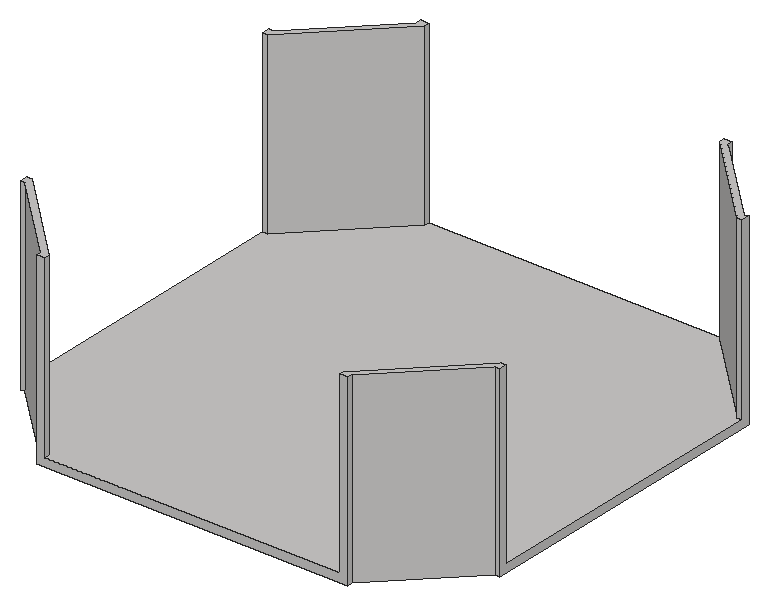
Revit family "Cable_Tray_Fitting-Modular_Channel_Tray-OBO_Bettermann-Channel_Horizontal_Cross_Over-AZ", category Cable Tray Fittings, Revit 2012
Parameters (values of type "Hot Dipped Galvanised")
  URL = "http://www.obo-bettermann.com/"
  Tray Width 3 [instance] = 100 mm
  Tray Width 1 [instance] = 100 mm
  Tray Length [instance] = 1.588 mm
  Tray Height [instance] = 60 mm
  Tray Connector 4 Location [instance] = if(Tray Width 3 > 399.9 mm, (Tray Width 3 / 2) + 255 mm, (Tray Width 3 / 2) + 27 mm)  # 77 mm
  Tray Connector 3 Location [instance] = if(Tray Width 3 > 399.9 mm, (Tray Width 3 / 2) + 255 mm, (Tray Width 3 / 2) + 27 mm)  # 77 mm
  Tray Connector 2 Location [instance] = if(Tray Width 1 > 399.9 mm, (Tray Width 1 / 2) + 255 mm, (Tray Width 1 / 2) + 27 mm)  # 77 mm
  Tray Connector 1 Location [instance] = if(Tray Width 1 > 399.9 mm, (Tray Width 1 / 2) + 255 mm, (Tray Width 1 / 2) + 27 mm)  # 77 mm
  built-in parameter 1140111 [instance] = 2.58 mm
  Small Tray Cross Over [instance] = not(Large Tray Cross Over)  # yes
  Radius = 25.4 mm
  Product Page URL = "http://catalog1.obo-bettermann.com/catalogue/catalogue.do?favOid=kts_433413&act=showIO&lang=de&action=start&catId=KTS&forward=showSolutionView"
  Product Documentation Link = ""
  Pre Galvanized = yes
  Model = "AZ"
  Manufacturer = "OBO Bettermann"
  Large Tray Cross Over [instance] = (Tray Width 1 > 399.9 mm)  # no
  Description = "Modular AZ Channel Tray"
  Connector Description 4 = "Connector for Cable Tray 4"  # constant formula
  Connector Description 3 = "Connector for Cable Tray 3"  # constant formula
  Connector Description 2 = "Connector for Cable Tray 2"  # constant formula
  Connector Description = "Connector for Cable Tray 1"  # constant formula
  Classification = "Refer to online Catalog for UL and cUL classifed sizes and wire sizes."
  Cable Tray Material = Metal - OBO Bettermann - Hot-Dipped-Galvanised
  Assembly Code = "D5030600"
Types (2, lengths in mm): name | Cable Tray Material
  Stripped Galvanised | Metal - OBO Bettermann - Strip-Galvanised
  Hot Dipped Galvanised | Metal - OBO Bettermann - Hot-Dipped-Galvanised
Reference planes
  plane 1 "Center (Front/Back)": y = 0
  plane 2: z = 0
  plane 3 "Center (Left/Right)": x = 0
  plane 4: y = 50
  plane 5: y = -50
  plane 6: z = 30
  plane 7: z = -30
  plane 8: y = -75.4
  plane 9: x = -50
  plane 10: x = 50
  plane 11: x = -75.4
  plane 12: x = 75.4
  plane 13: y = -47.42
  plane 14: y = 47.42
  plane 15: y = -76.988
  plane 16: x = -47.42
  plane 17: x = 47.42
  plane 18: x = -76.987
  plane 19: x = 76.988
  plane 20: z = -27.42
  plane 21: y = 75.4
  plane 22: y = 76.987
  plane 23 "Tray Connector Left": x = -77
  plane 24 "Tray Connector Right": x = 77
  plane 25 "Tray Connector Branch Lower": y = -77
  plane 26 "Tray Connector Branch Upper": y = 77
Lines and regions (mm)
  model lines, style "Coarse View", detail levels coarse
    curve 1: line (-76.987, 0, 0) -> (76.988, 0, 0)
    curve 2: line (0, 0, 0) -> (0, -76.988, 0)
    curve 3: line (0, 76.987, 0) -> (0, 0, 0)
  symbolic lines, detail levels fine
    curve 4: line (47.42, 76.987, 0) -> (47.42, 75.4, 0)
    curve 5: line (75.4, 47.42, 0) -> (76.988, 47.42, 0)
    curve 6: line (76.988, -47.42, 0) -> (75.4, -47.42, 0)
    curve 7: line (47.42, -75.4, 0) -> (47.42, -76.988, 0)
    curve 8: line (-47.42, -76.988, 0) -> (-47.42, -75.4, 0)
    curve 9: line (-75.4, -47.42, 0) -> (-76.987, -47.42, 0)
Dimensions and locks
  equal spacing: plane 4, plane 1 "Center (Front/Back)", plane 5
  "Tray Width 1": plane 4 to plane 5
  equal spacing: plane 6, plane 2, plane 7
  "Tray Height": plane 6 to plane 7
  plane 5 to plane 8 = 25.4 mm
  equal spacing: plane 9, plane 3 "Center (Left/Right)", plane 10
  "Tray Width 3": plane 9 to plane 10
  plane 11 to plane 9 = 25.4 mm
  plane 10 to plane 12 = 25.4 mm
  "built-in parameter 1140111": plane 13 to plane 5
  "built-in parameter 1140111": plane 4 to plane 14
  "Tray Length": plane 8 to plane 15
  "built-in parameter 1140111": plane 9 to plane 16
  "built-in parameter 1140111": plane 17 to plane 10
  "Tray Length": plane 18 to plane 11
  "Tray Length": plane 12 to plane 19
  "built-in parameter 1140111": plane 20 to plane 7
  "Tray Length": plane 21 to plane 22
  "Radius": plane 21 to plane 4
  "Tray Connector 1 Location": plane 23 "Tray Connector Left" to plane 3 "Center (Left/Right)"
  "Tray Connector 2 Location": plane 3 "Center (Left/Right)" to plane 24 "Tray Connector Right"
  "Tray Connector 4 Location": plane 26 "Tray Connector Branch Upper" to plane 1 "Center (Front/Back)"
  "Tray Connector 3 Location": plane 25 "Tray Connector Branch Lower" to plane 1 "Center (Front/Back)"
  plane 26 "Tray Connector Branch Upper" to plane 22 = 0.013 mm
  aligned and locked: plane 19 to curve 1
  aligned and locked: plane 18 to curve 1
  aligned and locked: plane 15 to curve 2
  aligned and locked: plane 1 "Center (Front/Back)" to curve 2
  aligned and locked: curve 2 to plane 3 "Center (Left/Right)"
  aligned and locked: plane 22 to curve 3
  aligned and locked: curve 3 to plane 3 "Center (Left/Right)"
  aligned and locked: plane 18 to curve 9
  aligned and locked: plane 15 to curve 8
  aligned and locked: plane 15 to curve 7
  aligned and locked: plane 19 to curve 6
  aligned and locked: plane 19 to curve 5
  aligned and locked: plane 22 to curve 4
  aligned and locked: nested 1 to plane 9
  aligned and locked: plane 10 to nested 1
  aligned and locked: nested 1 to plane 5
  aligned and locked: plane 4 to nested 1
  aligned and locked: nested 2 to plane 22
  aligned and locked: nested 2 to plane 18
  aligned and locked: nested 2 to plane 15
  aligned and locked: plane 19 to nested 2
Automatic sketch dimensions
  curve 4 to plane 17 = 0 mm
  plane 21 to curve 4 = 0 mm
  curve 6 to plane 13 = 0 mm
  curve 8 to plane 16 = 0 mm
  curve 8 to plane 8 = 0 mm
  curve 9 to plane 11 = 0 mm
  curve 9 to plane 13 = 0 mm
  curve 5 to plane 12 = 0 mm
  curve 5 to plane 14 = 0 mm
  curve 7 to plane 17 = 0 mm
  curve 6 to plane 12 = 0 mm
  curve 7 to plane 8 = 0 mm
Nested families
  nested 1: "Cable_Tray_Fitting-Channel_Tray-OBO_Bettermann-Channel_Horizontal_Cross_Over_400-600-MKS" at (0, 0, 0), Tray Width 3 <- "Tray Width 3", Tray Width 1 <- "Tray Width 1", Tray Height <- "Tray Height", built-in parameter 1140111 <- "built-in parameter 1140111", visible <- "Large Tray Cross Over", type "Stripped Galvanised"
    with Tray Width 3 100 mm, Tray Width 1 100 mm, Tray Length 1.588 mm, Tray Height 60 mm, built-in parameter 1140111 2.58 mm, Radius Label 150 mm
  nested 2: "Cable_Tray_Fitting-Channel_Tray-OBO_Bettermann-Channel_Horizontal_Cross_Over_100-300-MKS" at (0, 0, 0), Tray Width 3 <- "Tray Width 3", Tray Width 1 <- "Tray Width 1", Tray Height <- "Tray Height", built-in parameter 1140111 <- "built-in parameter 1140111", visible <- "Small Tray Cross Over", type "Stripped Galvanised"
    with Tray Width 3 100 mm, Tray Width 1 100 mm, Tray Length 1.588 mm, Tray Height 60 mm, built-in parameter 1140111 2.58 mm, Radius Label 1 27.98 mm, Radius Label 25.4 mm
Connectors
  cabletrayconduit at (-77, 0, 0), driven by "Tray Height", driven by "Tray Width 1", driven by "Connector Description"
    settings: index 1, connector width 100 mm, connector height 60 mm, connector radius 300 mm, connector angle 0.00°, system type 32, placement type 0, profile type 1, connector reference index -1, is primary connector yes, connector utility param no, connector description "Connector for Cable Tray 1"
  cabletrayconduit at (77, 0, 0), driven by "Tray Height", driven by "Tray Width 1", driven by "Connector Description 2"
    settings: index 2, connector width 100 mm, connector height 60 mm, connector radius 300 mm, connector angle 0.00°, system type 32, placement type 0, profile type 1, connector reference index -1, is primary connector no, connector utility param no, connector description "Connector for Cable Tray 2"
  cabletrayconduit at (0, 77, 0), driven by "Tray Width 3", driven by "Tray Height", driven by "Connector Description 4"
    settings: index 3, connector width 100 mm, connector height 60 mm, connector radius 300 mm, connector angle 0.00°, system type 32, placement type 0, profile type 1, connector reference index -1, is primary connector no, connector utility param no, connector description "Connector for Cable Tray 4"
  cabletrayconduit at (0, -77, 0), driven by "Tray Height", driven by "Tray Width 3", driven by "Connector Description 3"
    settings: index 4, connector width 100 mm, connector height 60 mm, connector radius 300 mm, connector angle 0.00°, system type 32, placement type 0, profile type 1, connector reference index -1, is primary connector no, connector utility param no, connector description "Connector for Cable Tray 3"
Definition of nested family "Cable_Tray_Fitting-Channel_Tray-OBO_Bettermann-Channel_Horizontal_Cross_Over_400-600-MKS"
  Parameters (values of type "Stripped Galvanised")
    URL = "http://www.obo-bettermann.com/"
    Tray Width 3 [instance] = 400 mm
    Tray Width 1 [instance] = 400 mm
    Tray Length [instance] = 1.588 mm
    Tray Height [instance] = 60 mm
    built-in parameter 1140111 [instance] = 2.58 mm
    Radius Label 1 = Radius + 2.6 mm  # 152.6 mm
    Radius Label [instance] = Radius  # 150 mm
    Radius = 150 mm
    Product Page URL = "http://catalog2.obo-bettermann.com/catalogue/catalogue.do?favOid=kts_315277&act=showIO&lang=en&action=start&catId=KTS&forward=showSolutionView"
    Product Documentation Link = ""
    Pre Galvanized = yes
    Model = "MKS"
    Manufacturer = "OBO Bettermann"
    Description = "Cable tray"
    Connector Description 4 = "Connector for Cable Tray 4"  # constant formula
    Connector Description 3 = "Connector for Cable Tray 3"  # constant formula
    Connector Description 2 = "Connector for Cable Tray 2"  # constant formula
    Connector Description = "Connector for Cable Tray 1"  # constant formula
    Classification = "Refer to online Catalog for UL and cUL classifed sizes and wire sizes."
    Cable Tray Material = Metal - OBO Bettermann - Strip-Galvanised
    Assembly Code = "D5030600"
  Types (2, lengths in mm): name | Cable Tray Material
    Stripped Galvanised | Metal - OBO Bettermann - Strip-Galvanised
    Steel | none
  Reference planes
    plane 1 "Center (Front/Back)": y = 0
    plane 2: z = 0
    plane 3 "Center (Left/Right)": x = 0
    plane 4: y = 200
    plane 5: y = -200
    plane 6: z = 30
    plane 7: z = -30
    plane 8: y = -453.413
    plane 9: x = -200
    plane 10: x = 200
    plane 11: x = -453.412
    plane 12: x = 453.413
    plane 13: y = -197.42
    plane 14: y = 197.42
    plane 15: y = -455
    plane 16: x = -197.42
    plane 17: x = 197.42
    plane 18: x = -455
    plane 19: x = 455
    plane 20: z = -27.42
    plane 21: y = 453.412
    plane 22: y = 455
  Forms (mm)
    Extrusion 1, solid, material "Metal - OBO Bettermann - Strip-Galvanised" <- "Cable Tray Material", detail levels medium+fine
      sketch origin (377.212, 0, 0) x (1, 0, 0) y (0, 1, 0)
        loop
          line (-832.212, -197.42) -> (-832.212, -200) -> (-727.212, -200)
          arc (-727.212, -200) -> (-621.146, -243.934) -> (-577.212, -350) r 150
          line (-577.212, -350) -> (-577.212, -455) -> (-574.633, -455) -> (-574.633, -347.51)
          arc (-574.633, -347.51) -> (-619.308, -242.096) -> (-724.723, -197.42) r 152.6
          line (-724.723, -197.42) -> (-832.212, -197.42)
        loop
          line (-27.212, -200) -> (77.788, -200) -> (77.788, -197.42) -> (-29.702, -197.42)
          arc (-29.702, -197.42) -> (-135.117, -242.096) -> (-179.792, -347.51) r 152.6
          line (-179.792, -347.51) -> (-179.792, -455) -> (-177.212, -455) -> (-177.212, -350)
          arc (-177.212, -350) -> (-133.279, -243.934) -> (-27.212, -200) r 150
        loop
          line (-832.212, 197.42) -> (-724.723, 197.42)
          arc (-724.723, 197.42) -> (-619.308, 242.096) -> (-574.633, 347.51) r 152.6
          line (-574.633, 347.51) -> (-574.633, 455) -> (-577.212, 455) -> (-577.212, 350)
          arc (-577.212, 350) -> (-621.146, 243.934) -> (-727.212, 200) r 150
          line (-727.212, 200) -> (-832.212, 200) -> (-832.212, 197.42)
        loop
          arc (-27.212, 200) -> (-133.279, 243.934) -> (-177.212, 350) r 150
          line (-177.212, 350) -> (-177.212, 455) -> (-179.792, 455) -> (-179.792, 347.51)
          arc (-179.792, 347.51) -> (-135.117, 242.096) -> (-29.702, 197.42) r 152.6
          line (-29.702, 197.42) -> (77.788, 197.42) -> (77.788, 200) -> (-27.212, 200)
      from -30 to 30
    Extrusion 2, solid, material "Metal - OBO Bettermann - Strip-Galvanised" <- "Cable Tray Material", detail levels medium+fine
      sketch origin (0, 0, 0) x (1, 0, 0) y (0, 1, 0)
        loop
          line (-455, 200) -> (-455, -200) -> (-350, -200)
          arc (-350, -200) -> (-243.934, -243.934) -> (-200, -350) r 150
          line (-200, -350) -> (-200, -455) -> (200, -455) -> (200, -350)
          arc (200, -350) -> (243.934, -243.934) -> (350, -200) r 150
          line (350, -200) -> (455, -200) -> (455, 200) -> (350, 200)
          arc (350, 200) -> (243.934, 243.934) -> (200, 350) r 150
          line (200, 350) -> (200, 455) -> (-200, 455) -> (-200, 350)
          arc (-200, 350) -> (-243.934, 243.934) -> (-350, 200) r 150
          line (-350, 200) -> (-455, 200)
      from -30 to -27.42
    Extrusion 3, solid, material "Metal - OBO Bettermann - Strip-Galvanised" <- "Cable Tray Material", detail levels medium
      sketch origin (0, 0, 0) x (1, 0, 0) y (0, 1, 0)
        loop
          line (-455, 200) -> (-455, -200) -> (-350, -200)
          arc (-350, -200) -> (-243.934, -243.934) -> (-200, -350) r 150
          line (-200, -350) -> (-200, -455) -> (200, -455) -> (200, -350)
          arc (200, -350) -> (243.934, -243.934) -> (350, -200) r 150
          line (350, -200) -> (455, -200) -> (455, 200) -> (350, 200)
          arc (350, 200) -> (243.934, 243.934) -> (200, 350) r 150
          line (200, 350) -> (200, 455) -> (-200, 455) -> (-200, 350)
          arc (-200, 350) -> (-243.934, 243.934) -> (-350, 200) r 150
          line (-350, 200) -> (-455, 200)
      from -30 to 30
  Cuts and joins
    joined: Extrusion 1, Extrusion 2
  Lines and regions (mm)
    model lines, style "Coarse View", detail levels coarse
      curve 1: line (-455, 0, 0) -> (455, 0, 0)
      curve 2: line (0, 0, 0) -> (0, -455, 0)
      curve 3: line (0, 455, 0) -> (0, 0, 0)
    symbolic lines, detail levels fine
      curve 4: line (197.42, 455, 0) -> (197.42, 453.412, 0)
      curve 5: line (453.413, 197.42, 0) -> (455, 197.42, 0)
      curve 6: line (455, -197.42, 0) -> (453.413, -197.42, 0)
      curve 7: line (197.42, -453.413, 0) -> (197.42, -455, 0)
      curve 8: line (-197.42, -455, 0) -> (-197.42, -453.413, 0)
      curve 9: line (-453.412, -197.42, 0) -> (-455, -197.42, 0)
      curve 10: line (-200, -350, 0) -> (-200, -455, 0)
      curve 11: arc (-350, -200, 0) -> (-243.934, -243.934, 0) -> (-200, -350, 0) r 150
      curve 12: line (-455, -200, 0) -> (-350, -200, 0)
      curve 13: line (350, -200, 0) -> (455, -200, 0)
      curve 14: arc (200, -350, 0) -> (243.934, -243.934, 0) -> (350, -200, 0) r 150
      curve 15: line (200, -455, 0) -> (200, -350, 0)
      curve 16: line (200, 350, 0) -> (200, 455, 0)
      curve 17: arc (350, 200, 0) -> (243.934, 243.934, 0) -> (200, 350, 0) r 150
      curve 18: line (455, 200, 0) -> (350, 200, 0)
      curve 19: line (-350, 200, 0) -> (-455, 200, 0)
      curve 20: arc (-200, 350, 0) -> (-243.934, 243.934, 0) -> (-350, 200, 0) r 150
      curve 21: line (-200, 455, 0) -> (-200, 350, 0)
  Dimensions and locks
    equal spacing: plane 4, plane 1 "Center (Front/Back)", plane 5
    "Tray Width 1": plane 4 to plane 5
    equal spacing: plane 6, plane 2, plane 7
    "Tray Height": plane 6 to plane 7
    equal spacing: plane 9, plane 3 "Center (Left/Right)", plane 10
    "Tray Width 3": plane 9 to plane 10
    "built-in parameter 1140111": plane 13 to plane 5
    "built-in parameter 1140111": plane 4 to plane 14
    "Tray Length": plane 8 to plane 15
    "built-in parameter 1140111": plane 9 to plane 16
    "built-in parameter 1140111": plane 17 to plane 10
    "Tray Length": plane 18 to plane 11
    "Tray Length": plane 12 to plane 19
    "built-in parameter 1140111": plane 20 to plane 7
    "Tray Length": plane 21 to plane 22
    locked: plane 18 to plane 9 at 255
    locked: plane 10 to plane 19 at 255
    equal spacing: plane 18, plane 3 "Center (Left/Right)", plane 19
    locked: plane 4 to plane 22 at 255
    locked: plane 5 to plane 15 at 255
    equal spacing: plane 15, plane 1 "Center (Front/Back)", plane 22
    "Radius Label": radius of Extrusion 3 sketch curve  (x4)
    "Radius Label": radius of Extrusion 1 sketch curve  (x4)
    "Radius Label 1": radius of Extrusion 1 sketch curve  (x4)
    aligned and locked: Extrusion 1 to plane 7
    aligned and locked: plane 6 to Extrusion 1
    aligned and locked: plane 5 to Extrusion 2 sketch curve
    aligned and locked: plane 19 to Extrusion 2 sketch curve
    aligned and locked: plane 9 to Extrusion 2 sketch curve
    aligned and locked: Extrusion 2 sketch curve to plane 15
    aligned and locked: Extrusion 2 to plane 7
    aligned and locked: plane 20 to Extrusion 2
    aligned and locked: plane 18 to Extrusion 3 sketch curve
    aligned and locked: Extrusion 3 sketch curve to plane 5
    aligned and locked: plane 4 to Extrusion 3 sketch curve  (x2)
    aligned and locked: plane 5 to Extrusion 3 sketch curve
    aligned and locked: plane 10 to Extrusion 3 sketch curve
    aligned and locked: plane 9 to Extrusion 3 sketch curve
    aligned and locked: Extrusion 3 sketch curve to plane 15
    aligned and locked: Extrusion 3 to plane 7
    aligned and locked: plane 6 to Extrusion 3
    aligned and locked: plane 19 to curve 1
    aligned and locked: plane 18 to curve 1
    aligned and locked: plane 15 to curve 2
    aligned and locked: plane 1 "Center (Front/Back)" to curve 2
    aligned and locked: curve 2 to plane 3 "Center (Left/Right)"
    aligned and locked: plane 22 to curve 3
    aligned and locked: curve 3 to plane 3 "Center (Left/Right)"
    aligned and locked: plane 18 to curve 9
    aligned and locked: plane 15 to curve 8
    aligned and locked: plane 15 to curve 7
    aligned and locked: plane 19 to curve 6
    aligned and locked: plane 19 to curve 5
    aligned and locked: plane 22 to curve 4
    aligned and locked: Extrusion 2 sketch curve to cut or joined group of Extrusion 1, Extrusion 2  (x8)
    aligned and locked: curve 11 to cut or joined group of Extrusion 1, Extrusion 2
    aligned and locked: curve 12 to cut or joined group of Extrusion 1, Extrusion 2
    aligned and locked: curve 14 to cut or joined group of Extrusion 1, Extrusion 2
    aligned and locked: curve 17 to cut or joined group of Extrusion 1, Extrusion 2
    aligned and locked: curve 18 to cut or joined group of Extrusion 1, Extrusion 2
    aligned and locked: curve 20 to cut or joined group of Extrusion 1, Extrusion 2
    aligned and locked: curve 21 to cut or joined group of Extrusion 1, Extrusion 2
  Automatic sketch dimensions
    curve 9 to plane 11 = 0 mm
    curve 7 to plane 8 = 0 mm
    curve 7 to plane 17 = 0 mm
    curve 4 to plane 17 = 0 mm
    curve 6 to plane 13 = 0 mm
    curve 9 to plane 13 = 0 mm
    Extrusion 3 sketch curve to plane 9 = 0 mm
    Extrusion 3 sketch curve to plane 10 = 0 mm
    Extrusion 3 sketch curve to plane 19 = 0 mm
    plane 22 to Extrusion 3 sketch curve = 0 mm
    Extrusion 1 sketch curve to Extrusion 1 sketch curve = 0 mm  (x8)
    Extrusion 1 sketch curve to plane 13 = 0 mm  (x2)
    Extrusion 1 sketch curve to plane 18 = 0 mm  (x2)
    Extrusion 1 sketch curve to plane 4 = 0 mm  (x2)
    Extrusion 1 sketch curve to plane 5 = 0 mm  (x2)
    Extrusion 1 sketch curve to plane 14 = 0 mm  (x2)
    Extrusion 1 sketch curve to plane 9 = 0 mm  (x2)
    Extrusion 1 sketch curve to plane 16 = 0 mm  (x2)
    Extrusion 1 sketch curve to plane 17 = 0 mm  (x2)
    Extrusion 1 sketch curve to plane 10 = 0 mm  (x2)
    Extrusion 1 sketch curve to plane 19 = 0 mm  (x2)
    Extrusion 1 sketch curve to plane 15 = 0 mm  (x2)
    plane 22 to Extrusion 1 sketch curve = 0 mm  (x2)
    Extrusion 2 sketch curve to plane 18 = 0 mm
    plane 22 to Extrusion 2 sketch curve = 0 mm
    curve 10 to plane 15 = 0 mm
    curve 12 to plane 18 = 0 mm
    curve 8 to plane 8 = 0 mm
    curve 8 to plane 16 = 0 mm
    curve 6 to plane 12 = 0 mm
    curve 13 to plane 19 = 0 mm
    curve 15 to plane 15 = 0 mm
    plane 22 to curve 16 = 0 mm
    curve 18 to plane 19 = 0 mm
    curve 5 to plane 12 = 0 mm
    curve 5 to plane 14 = 0 mm
    plane 21 to curve 4 = 0 mm
    curve 19 to plane 18 = 0 mm
    plane 22 to curve 21 = 0 mm
  Connectors
    cabletrayconduit at (-455, 0, 0), driven by "Tray Height", driven by "Tray Width 1", driven by "Connector Description"
      settings: on Extrusion 3, index 1, connector width 400 mm, connector height 60 mm, connector radius 304.8 mm, connector angle 0.00°, system type 32, placement type 0, profile type 1, connector reference index 2, is primary connector yes, connector utility param no, connector description "Connector for Cable Tray 1"
    cabletrayconduit at (455, 0, 0), driven by "Tray Height", driven by "Tray Width 1", driven by "Connector Description 2"
      settings: on Extrusion 3, index 2, connector width 400 mm, connector height 60 mm, connector radius 304.8 mm, connector angle 0.00°, system type 32, placement type 0, profile type 1, connector reference index 1, is primary connector no, connector utility param no, connector description "Connector for Cable Tray 2"
    cabletrayconduit at (0, -455, 0), driven by "Tray Height", driven by "Tray Width 3", driven by "Connector Description 3"
      settings: on Extrusion 3, index 3, connector width 400 mm, connector height 60 mm, connector radius 304.8 mm, connector angle 0.00°, system type 32, placement type 0, profile type 1, connector reference index 4, is primary connector no, connector utility param no, connector description "Connector for Cable Tray 3"
    cabletrayconduit at (0, 455, 0), driven by "Tray Height", driven by "Tray Width 3", driven by "Connector Description 4"
      settings: on Extrusion 3, index 4, connector width 400 mm, connector height 60 mm, connector radius 304.8 mm, connector angle 0.00°, system type 32, placement type 0, profile type 1, connector reference index 3, is primary connector no, connector utility param no, connector description "Connector for Cable Tray 4"
Definition of nested family "Cable_Tray_Fitting-Channel_Tray-OBO_Bettermann-Channel_Horizontal_Cross_Over_100-300-MKS"
  Parameters (values of type "Steel")
    URL = "http://www.obo-bettermann.com/"
    Tray Width 3 [instance] = 100 mm
    Tray Width 1 [instance] = 100 mm
    Tray Length [instance] = 1.588 mm
    Tray Height [instance] = 60 mm
    built-in parameter 1140111 [instance] = 2.58 mm
    Radius Label 1 [instance] = Radius Label + [built-in parameter 1140111]  # 27.98 mm
    Radius Label [instance] = Radius  # 25.4 mm
    Radius = 25.4 mm
    Product Page URL = "http://catalog2.obo-bettermann.com/catalogue/catalogue.do?favOid=kts_315277&act=showIO&lang=en&action=start&catId=KTS&forward=showSolutionView"
    Product Documentation Link = ""
    Pre Galvanized = yes
    Model = "MKS"
    Manufacturer = "OBO Bettermann"
    Description = "Cable tray"
    Connector Description 4 = "Connector for Cable Tray 4"  # constant formula
    Connector Description 3 = "Connector for Cable Tray 3"  # constant formula
    Connector Description 2 = "Connector for Cable Tray 2"  # constant formula
    Connector Description = "Connector for Cable Tray 1"  # constant formula
    Classification = "Refer to online Catalog for UL and cUL classifed sizes and wire sizes."
    Cable Tray Material = none
    Assembly Code = "D5030600"
  Types (2, lengths in mm): name | Cable Tray Material
    Stripped Galvanised | Metal - OBO Bettermann - Strip-Galvanised
    Steel | none
  Reference planes
    plane 1 "Center (Front/Back)": y = 0
    plane 2: z = 0
    plane 3 "Center (Left/Right)": x = 0
    plane 4: y = 50
    plane 5: y = -50
    plane 6: z = 30
    plane 7: z = -30
    plane 8: y = -75.4
    plane 9: x = -50
    plane 10: x = 50
    plane 11: x = -75.4
    plane 12: x = 75.4
    plane 13: y = -47.42
    plane 14: y = 47.42
    plane 15: y = -76.988
    plane 16: x = -47.42
    plane 17: x = 47.42
    plane 18: x = -76.987
    plane 19: x = 76.988
    plane 20: z = -27.42
    plane 21: y = 75.4
    plane 22: y = 76.987
  Forms (mm)
    Extrusion 1, solid, material <- "Cable Tray Material", detail levels medium+fine
      sketch origin (-0.8, 0, 0) x (1, 0, 0) y (0, 1, 0)
        loop
          line (-76.187, -47.42) -> (-76.187, -50) -> (-74.6, -50) -> (-49.2, -75.4) -> (-49.2, -76.988) -> (-46.62, -76.988) -> (-46.62, -75.4) -> (-74.6, -47.42) -> (-76.187, -47.42)
        loop
          line (76.2, -50) -> (77.788, -50) -> (77.788, -47.42) -> (76.2, -47.42) -> (48.22, -75.4) -> (48.22, -76.988) -> (50.8, -76.988) -> (50.8, -75.4) -> (76.2, -50)
        loop
          line (-76.187, 50) -> (-76.187, 47.42) -> (-74.6, 47.42) -> (-46.62, 75.4) -> (-46.62, 76.987) -> (-49.2, 76.987) -> (-49.2, 75.4) -> (-74.6, 50) -> (-76.187, 50)
        loop
          line (48.22, 76.987) -> (48.22, 75.4) -> (76.2, 47.42) -> (77.788, 47.42) -> (77.788, 50) -> (76.2, 50) -> (50.8, 75.4) -> (50.8, 76.987) -> (48.22, 76.987)
      from -30 to 30
    Extrusion 2, solid, material <- "Cable Tray Material", detail levels medium+fine
      sketch origin (0, 0, 0) x (1, 0, 0) y (0, 1, 0)
        loop
          line (-76.987, -50) -> (-75.4, -50) -> (-50, -75.4) -> (-50, -76.988) -> (50, -76.988) -> (50, -75.4) -> (75.4, -50) -> (76.988, -50) -> (76.988, 50) -> (75.4, 50) -> (50, 75.4) -> (50, 76.987) -> (-50, 76.987) -> (-50, 75.4) -> (-75.4, 50) -> (-76.987, 50) -> (-76.987, -50)
      from -30 to -27.42
    Extrusion 3, solid, material <- "Cable Tray Material", detail levels medium
      sketch origin (0, 0, 0) x (1, 0, 0) y (0, 1, 0)
        loop
          line (-76.987, 50) -> (-76.987, -50) -> (-75.4, -50) -> (-50, -75.4) -> (-50, -76.988) -> (50, -76.988) -> (50, -75.4) -> (75.4, -50) -> (76.988, -50) -> (76.988, 50) -> (75.4, 50) -> (50, 75.4) -> (50, 76.987) -> (-50, 76.987) -> (-50, 75.4) -> (-75.4, 50) -> (-76.987, 50)
      from -30 to 30
  Cuts and joins
    joined: Extrusion 1, Extrusion 2
  Lines and regions (mm)
    model lines, style "Coarse View", detail levels coarse
      curve 1: line (-76.987, 0, 0) -> (76.988, 0, 0)
      curve 2: line (0, 0, 0) -> (0, -76.988, 0)
      curve 3: line (0, 76.987, 0) -> (0, 0, 0)
    symbolic lines, detail levels fine
      curve 4: line (47.42, 76.987, 0) -> (47.42, 75.4, 0)
      curve 5: line (47.42, 75.4, 0) -> (75.4, 47.42, 0)
      curve 6: line (75.4, 47.42, 0) -> (76.988, 47.42, 0)
      curve 7: line (76.988, -47.42, 0) -> (75.4, -47.42, 0)
      curve 8: line (75.4, -47.42, 0) -> (47.42, -75.4, 0)
      curve 9: line (47.42, -75.4, 0) -> (47.42, -76.988, 0)
      curve 10: line (-47.42, -76.988, 0) -> (-47.42, -75.4, 0)
      curve 11: line (-47.42, -75.4, 0) -> (-75.4, -47.42, 0)
      curve 12: line (-75.4, -47.42, 0) -> (-76.987, -47.42, 0)
  Dimensions and locks
    equal spacing: plane 4, plane 1 "Center (Front/Back)", plane 5
    "Tray Width 1": plane 4 to plane 5
    equal spacing: plane 6, plane 2, plane 7
    "Tray Height": plane 6 to plane 7
    "Radius Label": plane 5 to plane 8
    equal spacing: plane 9, plane 3 "Center (Left/Right)", plane 10
    "Tray Width 3": plane 9 to plane 10
    "Radius Label": plane 11 to plane 9
    "Radius Label": plane 10 to plane 12
    "built-in parameter 1140111": plane 13 to plane 5
    "built-in parameter 1140111": plane 4 to plane 14
    "Tray Length": plane 8 to plane 15
    "built-in parameter 1140111": plane 9 to plane 16
    "built-in parameter 1140111": plane 17 to plane 10
    "Tray Length": plane 18 to plane 11
    "Tray Length": plane 12 to plane 19
    "built-in parameter 1140111": plane 20 to plane 7
    "Tray Length": plane 21 to plane 22
    "Radius": plane 21 to plane 4
    aligned and locked: plane 11 to Extrusion 1 sketch curve  (x4)
    aligned and locked: Extrusion 1 sketch curve to plane 13
    aligned and locked: plane 18 to Extrusion 1 sketch curve  (x2)
    aligned and locked: Extrusion 1 sketch curve to plane 5
    aligned and locked: plane 8 to Extrusion 1 sketch curve  (x4)
    aligned and locked: plane 15 to Extrusion 1 sketch curve  (x2)
    aligned and locked: plane 16 to Extrusion 1 sketch curve  (x3)
    aligned and locked: plane 9 to Extrusion 1 sketch curve  (x3)
    aligned and locked: Extrusion 1 sketch curve to plane 15  (x2)
    aligned and locked: Extrusion 1 sketch curve to plane 18  (x2)
    aligned and locked: Extrusion 1 to plane 7
    aligned and locked: plane 6 to Extrusion 1
    aligned and locked: plane 19 to Extrusion 1 sketch curve  (x3)
    aligned and locked: plane 5 to Extrusion 1 sketch curve  (x3)
    aligned and locked: plane 13 to Extrusion 1 sketch curve  (x3)
    aligned and locked: Extrusion 1 sketch curve to plane 19
    aligned and locked: Extrusion 1 sketch curve to plane 17
    aligned and locked: Extrusion 1 sketch curve to plane 10  (x2)
    aligned and locked: plane 10 to Extrusion 1 sketch curve  (x2)
    aligned and locked: plane 17 to Extrusion 1 sketch curve  (x3)
    aligned and locked: plane 18 to Extrusion 2 sketch curve  (x2)
    aligned and locked: plane 11 to Extrusion 2 sketch curve  (x2)
    aligned and locked: Extrusion 2 sketch curve to plane 5
    aligned and locked: plane 4 to Extrusion 2 sketch curve
    aligned and locked: plane 5 to Extrusion 2 sketch curve
    aligned and locked: plane 19 to Extrusion 2 sketch curve  (x2)
    aligned and locked: plane 12 to Extrusion 2 sketch curve  (x2)
    aligned and locked: plane 8 to Extrusion 2 sketch curve  (x2)
    aligned and locked: plane 15 to Extrusion 2 sketch curve
    aligned and locked: plane 10 to Extrusion 2 sketch curve
    aligned and locked: plane 9 to Extrusion 2 sketch curve
    aligned and locked: Extrusion 2 sketch curve to plane 15
    aligned and locked: Extrusion 2 to plane 7
    aligned and locked: plane 20 to Extrusion 2
    aligned and locked: plane 18 to Extrusion 3 sketch curve  (x2)
    aligned and locked: plane 11 to Extrusion 3 sketch curve  (x2)
    aligned and locked: Extrusion 3 sketch curve to plane 5  (x2)
    aligned and locked: plane 4 to Extrusion 3 sketch curve  (x2)
    aligned and locked: plane 5 to Extrusion 3 sketch curve
    aligned and locked: plane 12 to Extrusion 3 sketch curve  (x2)
    aligned and locked: plane 19 to Extrusion 3 sketch curve  (x2)
    aligned and locked: plane 15 to Extrusion 3 sketch curve
    aligned and locked: Extrusion 3 sketch curve to plane 10  (x2)
    aligned and locked: plane 8 to Extrusion 3 sketch curve
    aligned and locked: plane 10 to Extrusion 3 sketch curve
    aligned and locked: plane 9 to Extrusion 3 sketch curve
    aligned and locked: Extrusion 3 sketch curve to plane 15
    aligned and locked: Extrusion 3 to plane 7
    aligned and locked: plane 6 to Extrusion 3
    aligned and locked: plane 19 to curve 1
    aligned and locked: plane 18 to curve 1
    aligned and locked: plane 15 to curve 2
    aligned and locked: plane 1 "Center (Front/Back)" to curve 2
    aligned and locked: curve 2 to plane 3 "Center (Left/Right)"
    aligned and locked: Extrusion 1 sketch curve to plane 14
    aligned and locked: Extrusion 1 sketch curve to plane 4
    aligned and locked: plane 22 to Extrusion 1 sketch curve  (x4)
    aligned and locked: Extrusion 1 sketch curve to plane 9
    aligned and locked: Extrusion 1 sketch curve to plane 16
    aligned and locked: plane 4 to Extrusion 1 sketch curve  (x2)
    aligned and locked: plane 14 to Extrusion 1 sketch curve  (x2)
    aligned and locked: plane 22 to Extrusion 3 sketch curve  (x2)
    aligned and locked: plane 21 to Extrusion 3 sketch curve  (x2)
    aligned and locked: Extrusion 3 sketch curve to plane 9
    aligned and locked: plane 22 to Extrusion 2 sketch curve  (x2)
    aligned and locked: plane 21 to Extrusion 2 sketch curve  (x2)
    aligned and locked: Extrusion 2 sketch curve to plane 9
    aligned and locked: Extrusion 2 sketch curve to plane 10
    aligned and locked: plane 22 to curve 3
    aligned and locked: curve 3 to plane 3 "Center (Left/Right)"
    aligned and locked: plane 12 to Extrusion 1 sketch curve  (x3)
    aligned and locked: plane 21 to Extrusion 1 sketch curve  (x4)
    aligned and locked: Extrusion 3 sketch curve to cut or joined group of Extrusion 1, Extrusion 2  (x4)
    aligned and locked: Extrusion 2 sketch curve to cut or joined group of Extrusion 1, Extrusion 2  (x4)
    aligned and locked: curve 4 to cut or joined group of Extrusion 1, Extrusion 2
    aligned and locked: curve 5 to cut or joined group of Extrusion 1, Extrusion 2
    aligned and locked: curve 6 to cut or joined group of Extrusion 1, Extrusion 2
    aligned and locked: curve 7 to cut or joined group of Extrusion 1, Extrusion 2
    aligned and locked: curve 8 to cut or joined group of Extrusion 1, Extrusion 2
    aligned and locked: curve 9 to cut or joined group of Extrusion 1, Extrusion 2
    aligned and locked: curve 10 to cut or joined group of Extrusion 1, Extrusion 2
    aligned and locked: curve 11 to cut or joined group of Extrusion 1, Extrusion 2
    aligned and locked: curve 12 to cut or joined group of Extrusion 1, Extrusion 2
    aligned and locked: plane 18 to curve 12
    aligned and locked: plane 15 to curve 10
    aligned and locked: plane 15 to curve 9
    aligned and locked: plane 19 to curve 7
    aligned and locked: plane 19 to cut or joined group of Extrusion 1, Extrusion 2
    aligned and locked: plane 19 to curve 6
    aligned and locked: plane 22 to curve 4
    aligned and locked: plane 22 to cut or joined group of Extrusion 1, Extrusion 2
  Automatic sketch dimensions
    Extrusion 1 sketch curve to plane 12 = 0 mm
    curve 4 to plane 17 = 0 mm
    curve 5 to plane 12 = 0 mm
    curve 5 to plane 14 = 0 mm
    plane 21 to curve 4 = 0 mm
    curve 8 to plane 8 = 0 mm
    curve 8 to plane 17 = 0 mm
    curve 8 to plane 12 = 0 mm
    curve 7 to plane 13 = 0 mm
    curve 11 to plane 11 = 0 mm
    curve 10 to plane 16 = 0 mm
    curve 10 to plane 8 = 0 mm
    curve 11 to plane 13 = 0 mm
  Connectors
    cabletrayconduit at (-76.987, 0, 0), driven by "Tray Height", driven by "Tray Width 1", driven by "Connector Description"
      settings: on Extrusion 3, index 1, connector width 100 mm, connector height 60 mm, connector radius 304.8 mm, connector angle 0.00°, system type 32, placement type 0, profile type 1, connector reference index 2, is primary connector yes, connector utility param no, connector description "Connector for Cable Tray 1"
    cabletrayconduit at (76.988, 0, 0), driven by "Tray Height", driven by "Tray Width 1", driven by "Connector Description 2"
      settings: on Extrusion 3, index 2, connector width 100 mm, connector height 60 mm, connector radius 304.8 mm, connector angle 0.00°, system type 32, placement type 0, profile type 1, connector reference index 1, is primary connector no, connector utility param no, connector description "Connector for Cable Tray 2"
    cabletrayconduit at (0, -76.988, 0), driven by "Tray Height", driven by "Tray Width 3", driven by "Connector Description 3"
      settings: on Extrusion 3, index 3, connector width 100 mm, connector height 60 mm, connector radius 304.8 mm, connector angle 0.00°, system type 32, placement type 0, profile type 1, connector reference index 4, is primary connector no, connector utility param no, connector description "Connector for Cable Tray 3"
    cabletrayconduit at (0, 76.987, 0), driven by "Tray Height", driven by "Tray Width 3", driven by "Connector Description 4"
      settings: on Extrusion 3, index 4, connector width 100 mm, connector height 60 mm, connector radius 304.8 mm, connector angle 0.00°, system type 32, placement type 0, profile type 1, connector reference index 3, is primary connector no, connector utility param no, connector description "Connector for Cable Tray 4"
